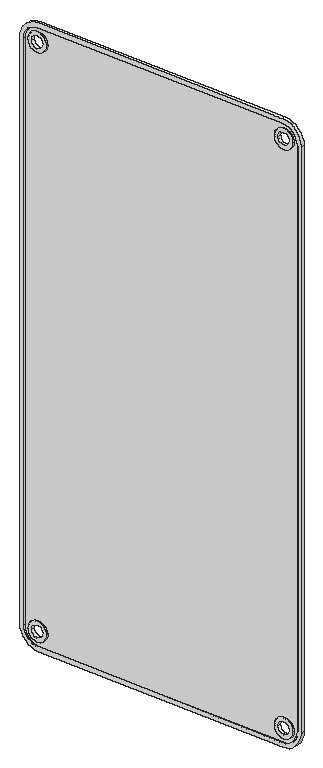
Revit family "okamura_MT25AA00_スプリント_ボードオプション_ホワイトボード両面_600W×1200H", category 家具, Revit 2017
Family settings
  OmniClass 番号 = 23.40.20.00
  OmniClass タイトル = General Furniture and Specialties
  作業面に基づく = いいえ
  常に垂直 = はい
  ロード時にボイドで切り取り = いいえ
  共有 = いいえ
  部屋計算ポイント = いいえ
Parameters (values of type "H343（ホワイトボード）")
  製造元 = "株式会社オカムラ"
  製品名称 [instance] = "スプリント"  # constant formula
  製品仕様 [instance] = "ホワイトボード両面 1200H"  # constant formula
  製品コード/色仕様 = "MT25AA"  # constant formula
  製品コード [instance] = "MT25AA"  # constant formula
  製品カテゴリ = "クリエイティブファニチュア"  # constant formula
  色仕様名称 [instance] = "ホワイトボード"
  色仕様コード [instance] = "H343"
  本体 = okm_H343
  導入日 [instance] = ""
  区分 = "ボードオプション"  # constant formula
  共通仕様 = ""
  備考 = ""
  シリアルNo [instance] = ""
  キーノート = "12490"
  アセンブリ コード = "E2020200"
  W = 600.0 mm
  URL = "http://www.okamura.co.jp/"
  Product_URL = ""
  ID [instance] = ""
  H = 1200.0 mm
  D = 6.0 mm
  Copyright [instance] = "©2021.08 okamura Corp."  # constant formula
Reference planes
  plane 1 "中心(正面/背面)": y = 0
  plane 2: z = 0
  plane 3 "中心(左/右)": x = 0
  plane 4 "左": x = -300
  plane 5 "右": x = 300
  plane 6 "背面": y = 3
  plane 7 "正面": y = -3
  plane 8 "上": z = 1200
Forms (mm)
  Extrusion 1, solid, material "okm_H343" <- "本体"
    sketch origin (0, 0, 0) x (1, 0, 0) y (0, 0, 1)
      loop
        line (260.25, 1191.25) -> (-260.25, 1191.25)
        arc (-260.25, 1191.25) -> (-282.17, 1182.17) -> (-291.25, 1160.25) r 31
        line (-291.25, 1160.25) -> (-291.25, 39.75)
        arc (-291.25, 39.75) -> (-282.17, 17.83) -> (-260.25, 8.75) r 31
        line (-260.25, 8.75) -> (260.25, 8.75)
        arc (260.25, 8.75) -> (282.17, 17.83) -> (291.25, 39.75) r 31
        line (291.25, 39.75) -> (291.25, 1160.25)
        arc (291.25, 1160.25) -> (282.17, 1182.17) -> (260.25, 1191.25) r 31
      loop
        circle (-262.523, 1162.562) r 20
      loop
        circle (-262.523, 37.437) r 20
      loop
        circle (262.523, 1162.562) r 20
      loop
        circle (262.523, 37.437) r 20
    from -1.5 to 1.5
  Extrusion 2, solid, material "okm_H343" <- "本体"
    sketch origin (0, 0, 0) x (1, 0, 0) y (0, 0, 1)
      loop
        circle (262.523, 1162.562) r 20
      loop
        arc (291.25, 1160.25) -> (282.17, 1182.17) -> (260.25, 1191.25) r 31
        line (260.25, 1191.25) -> (-260.25, 1191.25)
        arc (-260.25, 1191.25) -> (-282.17, 1182.17) -> (-291.25, 1160.25) r 31
        line (-291.25, 1160.25) -> (-291.25, 39.75)
        arc (-291.25, 39.75) -> (-282.17, 17.83) -> (-260.25, 8.75) r 31
        line (-260.25, 8.75) -> (260.25, 8.75)
        arc (260.25, 8.75) -> (282.17, 17.83) -> (291.25, 39.75) r 31
        line (291.25, 39.75) -> (291.25, 1160.25)
      loop
        circle (-262.523, 1162.562) r 20
      loop
        circle (262.523, 37.437) r 20
      loop
        circle (-262.523, 37.437) r 20
      loop
        circle (-262.523, 37.437) r 12.5
      loop
        circle (262.523, 37.437) r 12.5
      loop
        circle (262.523, 1162.562) r 12.5
      loop
        circle (-262.523, 1162.562) r 12.5
      loop
        arc (-260, 1200) -> (-288.284, 1188.284) -> (-300, 1160) r 40
        line (-300, 1160) -> (-300, 40)
        arc (-300, 40) -> (-288.284, 11.716) -> (-260, 0) r 40
        line (-260, 0) -> (260, 0)
        arc (260, 0) -> (288.284, 11.716) -> (300, 40) r 40
        line (300, 40) -> (300, 1160)
        arc (300, 1160) -> (288.284, 1188.284) -> (260, 1200) r 40
        line (260, 1200) -> (-260, 1200)
    from -3 to 3
Lines and regions (mm)
  Masking region 1
    outline origin (0, 0, 0) x (1, 0, 0) y (0, 1, 0)
      loop
        line (-300, 3) -> (-300, -3) -> (300, -3) -> (300, 3) -> (-300, 3)
  symbolic lines, style "okm_標準・詳細", detail levels medium+fine
    curve 1: line (300, 3, 0) -> (-300, 3, 0)
    curve 2: line (300, -3, 0) -> (300, 3, 0)
    curve 3: line (-300, -3, 0) -> (300, -3, 0)
    curve 4: line (-300, 3, 0) -> (-300, -3, 0)
  symbolic lines, style "okm_簡略", detail levels coarse
    curve 5: line (-300, 3, 0) -> (300, 3, 0)
    curve 6: line (-300, -3, 0) -> (-300, 3, 0)
    curve 7: line (300, -3, 0) -> (-300, -3, 0)
    curve 8: line (300, 3, 0) -> (300, -3, 0)
Dimensions and locks
  equal spacing: plane 4 "左", plane 3 "中心(左/右)", plane 5 "右"
  "W": plane 4 "左" to plane 5 "右"
  equal spacing: plane 7 "正面", plane 1 "中心(正面/背面)", plane 6 "背面"
  "D": plane 7 "正面" to plane 6 "背面"
  "H": plane 8 "上" to level
  aligned and locked: level to plane 2
Automatic sketch dimensions
  plane 4 "左" to Extrusion 1 sketch curve = 8.75 mm
  Extrusion 1 sketch curve to Extrusion 1 sketch curve = 28.727 mm  (x2)
  Extrusion 1 sketch curve to Extrusion 1 sketch curve = 2.273 mm  (x4)
  Extrusion 1 sketch curve to plane 5 "右" = 39.75 mm  (x2)
  Extrusion 1 sketch curve to plane 5 "右" = 8.75 mm
  level to Extrusion 1 sketch curve = 8.75 mm
  Extrusion 1 sketch curve to Extrusion 1 sketch curve = 2.313 mm  (x4)
  Extrusion 1 sketch curve to plane 8 "上" = 39.75 mm
  Extrusion 2 sketch curve to Extrusion 2 sketch curve = 0.0 mm  (x8)
  Extrusion 2 sketch curve to plane 4 "左" = 0.0 mm
  Extrusion 2 sketch curve to level = 0.0 mm
  Extrusion 2 sketch curve to plane 8 "上" = 0.0 mm
  Extrusion 2 sketch curve to plane 5 "右" = 0.0 mm
  plane 4 "左" to Extrusion 2 sketch curve = 8.75 mm
  Extrusion 2 sketch curve to Extrusion 2 sketch curve = 28.727 mm  (x2)
  Extrusion 2 sketch curve to Extrusion 2 sketch curve = 2.273 mm  (x4)
  Extrusion 2 sketch curve to plane 8 "上" = 8.75 mm
  Extrusion 2 sketch curve to Extrusion 2 sketch curve = 0.25 mm  (x4)
  Extrusion 2 sketch curve to plane 5 "右" = 40.0 mm  (x2)
  Extrusion 2 sketch curve to plane 5 "右" = 8.75 mm
  level to Extrusion 2 sketch curve = 8.75 mm
  Extrusion 2 sketch curve to Extrusion 2 sketch curve = 2.313 mm  (x4)
  Extrusion 2 sketch curve to Extrusion 2 sketch curve = 8.727 mm  (x2)
  Extrusion 2 sketch curve to Extrusion 2 sketch curve = 7.5 mm  (x4)
  Extrusion 2 sketch curve to Extrusion 2 sketch curve = 17.477 mm  (x2)
  Masking region 1 sketch curve to plane 4 "左" = 0.0 mm
  Masking region 1 sketch curve to plane 5 "右" = 0.0 mm
  plane 7 "正面" to Masking region 1 sketch curve = 0.0 mm
  plane 6 "背面" to Masking region 1 sketch curve = 0.0 mm
  curve 1 to plane 4 "左" = 0.0 mm
  curve 2 to plane 5 "右" = 0.0 mm
  plane 7 "正面" to curve 8 = 0.0 mm
  plane 6 "背面" to curve 2 = 0.0 mm
  radius of Extrusion 1 sketch curve = 20.0 mm  (x4)
